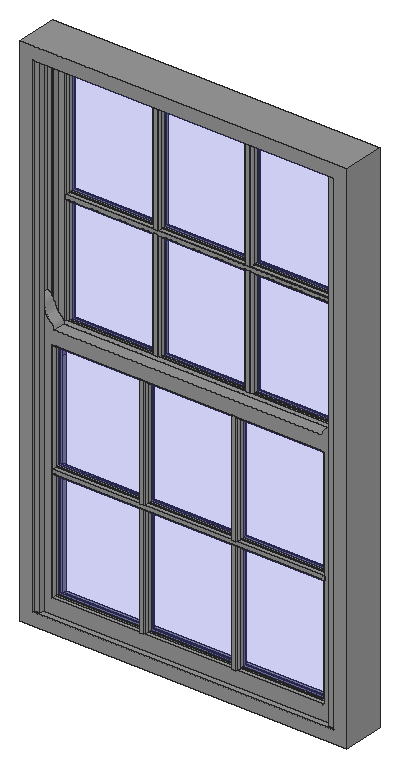
Revit family "HMEL4SP", category Windows, host Wall, Revit 2015
Parameters (values of type "HMEL4SP")
  Height = 1750 mm
  Default Lintel Height = 2100 mm
  Wall Closure = By host
  Width = 1100 mm
Reference planes
  plane 1 "Center (Front/Back)": y = 0
  plane 2 "Center (Left/Right)": x = 0
  plane 3 "Left": x = -550
  plane 4 "Right": x = 550
  plane 5 "Sill": z = 350
  plane 6 "Head": z = 2100
  plane 7 "Exterior": y = 100
  plane 8 "Interior": y = -100
  plane 9: y = -28.5
  plane 10: y = 23.5
  plane 11: z = 1225
  plane 12: z = 1253.5
  plane 13: z = 1196.5
Forms (mm)
  Sweep 1, solid, material "Lauan, Meranti"
    path origin (-10500, 23.5, 2100) x (0, 0, -1) y (-1, 0, 0)
      loop
        line (0, -11050) -> (1750, -11050) -> (1750, -9950) -> (0, -9950) -> (0, -11050)
    profile origin (0, 23.5, 2100) x (0, 0, 1) y (0, 1, 0)
      loop
        line (0, 46.5) -> (-42, 46.5) -> (-42, -93.5) -> (0, -93.5) -> (0, 46.5)
  Extrusion 2, solid, material "Lauan, Meranti"
    sketch origin (-10450, 7.5, 1687.5) x (0, 0, -1) y (-1, 0, 0)
      loop
        line (491, -10901) -> (491, -10958) -> (576, -10958)
        spline (576, -10958) -> (568.022, -10945.331) -> (558.494, -10938.581) -> (548.752, -10935.386) -> (540.116, -10933.399) -> (533.202, -10931.197) -> (527.644, -10928.636) -> (523.005, -10925.669) -> (518.783, -10922.149) -> (514.297, -10917.644) -> (508.83, -10911.691) -> (501.472, -10905.147) -> (491, -10901)
      loop
        spline (491, -9999) -> (501.472, -9994.853) -> (508.83, -9988.309) -> (514.297, -9982.356) -> (518.783, -9977.851) -> (523.005, -9974.331) -> (527.644, -9971.364) -> (533.202, -9968.803) -> (540.116, -9966.601) -> (548.752, -9964.614) -> (558.494, -9961.419) -> (568.022, -9954.669) -> (576, -9942)
        line (576, -9942) -> (491, -9942) -> (491, -9999)
    from 0 to 42
  Extrusion 3, solid, material "Lauan, Meranti"
    sketch origin (-10450, -49.5, 762.5) x (0, 0, 1) y (1, 0, 0)
      loop
        spline (491, 10901) -> (501.472, 10905.147) -> (508.83, 10911.691) -> (514.297, 10917.644) -> (518.783, 10922.149) -> (523.005, 10925.669) -> (527.644, 10928.636) -> (533.202, 10931.197) -> (540.116, 10933.399) -> (548.752, 10935.386) -> (558.494, 10938.581) -> (568.022, 10945.331) -> (576, 10958)
        line (576, 10958) -> (491, 10958) -> (491, 10901)
      loop
        line (491, 9999) -> (491, 9942) -> (576, 9942)
        spline (576, 9942) -> (568.022, 9954.669) -> (558.494, 9961.419) -> (548.752, 9964.614) -> (540.116, 9966.601) -> (533.202, 9968.803) -> (527.644, 9971.364) -> (523.005, 9974.331) -> (518.783, 9977.851) -> (514.297, 9982.356) -> (508.83, 9988.309) -> (501.472, 9994.853) -> (491, 9999)
    from 0 to 42
  Extrusion 4, solid, material "Lauan, Meranti"
    sketch origin (-350, 0, -425) x (0, -1, 0) y (0, 0, 1)
      loop
        line (7.5, 1678.5) -> (-7.5, 1678.5) -> (-7.5, 1659.5) -> (-4.5, 1659.5) -> (-4.5, 1656.5) -> (7.5, 1656.5) -> (7.5, 1672) -> (0.5, 1672) -> (0.5, 1675) -> (7.5, 1675) -> (7.5, 1678.5)
    from 136 to -836
  Sweep 5, solid, material "Lauan, Meranti"
    path origin (-10573.682, 31, 1966.635) x (0, 0, -1) y (-1, 0, 0)
      loop
        line (-91.365, -11081.682) -> (770.135, -11081.682) -> (770.135, -10065.682) -> (-91.365, -10065.682) -> (-91.365, -11081.682)
    profile origin (0, 31, 2058) x (0, 0, 1) y (0, 1, 0)
      loop
        line (-48, 18.5) -> (-48, -6.5) -> (-57, -6.5) -> (-57, -14.499) -> (-53.996, -14.499)
        arc (-53.996, -14.499) -> (-52.238, -18.744) -> (-47.994, -20.502) r 6.002
        line (-47.994, -20.502) -> (-47.994, -23.5) -> (0, -23.5) -> (0, 18.5) -> (-48, 18.5)
  Sweep 6, solid, material "Lauan, Meranti"
    path origin (-10580.679, 16, 1764.851) x (0, 0, -1) y (-1, 0, 0)
      loop
        line (511.351, -11088.679) -> (1372.851, -11088.679) -> (1372.851, -10072.679) -> (511.351, -10072.679) -> (511.351, -11088.679)
    profile origin (0, 16, 1253.5) x (0, 0, 1) y (0, 1, 0)
      loop
        line (0, -65.5) -> (0, -23.5) -> (-48, -23.5) -> (-48, -48.5) -> (-57, -48.5) -> (-57, -56.499) -> (-53.996, -56.499)
        arc (-53.996, -56.499) -> (-52.238, -60.744) -> (-47.994, -62.502) r 6.002
        line (-47.994, -62.502) -> (-47.994, -65.5) -> (0, -65.5)
  Extrusion 7, solid, material "Lauan, Meranti"
    sketch origin (-4.429, 187.242, 731.33) x (1, 0, 0) y (0, 1, 0)
      loop
        line (490.429, -194.742) -> (493.929, -194.742) -> (493.929, -187.742) -> (496.929, -187.742) -> (496.929, -194.742) -> (512.429, -194.742) -> (512.429, -182.742) -> (509.429, -182.742) -> (509.429, -179.742) -> (490.429, -179.742) -> (490.429, -194.742)
      loop
        line (490.429, -236.742) -> (490.429, -251.742) -> (509.429, -251.742) -> (509.429, -248.742) -> (512.429, -248.742) -> (512.429, -236.742) -> (496.929, -236.742) -> (496.929, -243.742) -> (493.929, -243.742) -> (493.929, -236.742) -> (490.429, -236.742)
      loop
        line (-481.571, -194.742) -> (-481.571, -179.742) -> (-500.571, -179.742) -> (-500.571, -182.742) -> (-503.571, -182.742) -> (-503.571, -194.742) -> (-488.071, -194.742) -> (-488.071, -187.742) -> (-485.071, -187.742) -> (-485.071, -194.742) -> (-481.571, -194.742)
      loop
        line (-481.571, -236.742) -> (-485.071, -236.742) -> (-485.071, -243.742) -> (-488.071, -243.742) -> (-488.071, -236.742) -> (-503.571, -236.742) -> (-503.571, -248.742) -> (-500.571, -248.742) -> (-500.571, -251.742) -> (-481.571, -251.742) -> (-481.571, -236.742)
    from -339.33 to 1326.67
  Extrusion 8, solid, material "Lauan, Meranti"
    sketch origin (150, 26, 65.463) x (1, 0, 0) y (0, 1, 0)
      loop
        line (-1, 23.5) -> (-1, -1.5) -> (-10, -1.5) -> (-10, -9.5) -> (-7, -9.5)
        arc (-7, -9.5) -> (-5.243, -13.743) -> (-1, -15.5) r 6
        line (-1, -15.5) -> (-1, -18.5) -> (12, -18.5) -> (12, -15.5)
        arc (12, -15.5) -> (16.243, -13.743) -> (18, -9.5) r 6
        line (18, -9.5) -> (21, -9.5) -> (21, -1.5) -> (12, -1.5) -> (12, 23.5) -> (-1, 23.5)
      loop
        line (-312, 23.5) -> (-312, -1.5) -> (-321, -1.5) -> (-321, -9.5) -> (-318, -9.5)
        arc (-318, -9.5) -> (-316.243, -13.743) -> (-312, -15.5) r 6
        line (-312, -15.5) -> (-312, -18.5) -> (-299, -18.5) -> (-299, -15.5)
        arc (-299, -15.5) -> (-294.757, -13.743) -> (-293, -9.5) r 6
        line (-293, -9.5) -> (-290, -9.5) -> (-290, -1.5) -> (-299, -1.5) -> (-299, 23.5) -> (-312, 23.5)
    from 1568.287 to 1944.537
  Extrusion 9, solid, material "Glass"
    sketch origin (-10350, 24.5, 1968.75) x (0, 0, -1) y (-1, 0, 0)
      loop
        line (-41.25, -10810) -> (335, -10810) -> (335, -10512) -> (-41.25, -10512) -> (-41.25, -10810)
      loop
        line (-41.25, -10499) -> (335, -10499) -> (335, -10201) -> (-41.25, -10201) -> (-41.25, -10499)
      loop
        line (-41.25, -10188) -> (335, -10188) -> (335, -9890) -> (-41.25, -9890) -> (-41.25, -10188)
      loop
        line (348, -10810) -> (724.25, -10810) -> (724.25, -10512) -> (348, -10512) -> (348, -10810)
      loop
        line (348, -10499) -> (724.25, -10499) -> (724.25, -10201) -> (348, -10201) -> (348, -10499)
      loop
        line (348, -10188) -> (724.25, -10188) -> (724.25, -9890) -> (348, -9890) -> (348, -10188)
    from 0 to 6.4
  Sweep 10, solid, material "Lauan, Meranti"
    path origin (176.75, 107.5, -273.901) x (1, 0, 0) y (0, 0, 1)
      loop
        line (283.25, 2283.901) -> (-14.75, 2283.901) -> (-14.75, 1907.651) -> (283.25, 1907.651) -> (283.25, 2283.901)
    profile origin (311, 107.5, 2010) x (0, 0, -1) y (0, -1, 0)
      loop
        arc (0, 68.6) -> (4.67, 70.234) -> (7, 74.6) r 6.807
        line (7, 74.6) -> (9, 74.6) -> (9, 76.6) -> (0, 76.6) -> (0, 68.6)
  Extrusion 11, solid, material "Lauan, Meranti"
    sketch origin (1645.5, 26, 1627.25) x (0, 0, 1) y (0, 1, 0)
      loop
        line (-6.5, 23.5) -> (-6.5, -1.5) -> (-15.5, -1.5) -> (-15.5, -9.5) -> (-12.5, -9.5)
        arc (-12.5, -9.5) -> (-10.743, -13.743) -> (-6.5, -15.5) r 6
        line (-6.5, -15.5) -> (-6.5, -18.5) -> (6.5, -18.5) -> (6.5, -15.5)
        arc (6.5, -15.5) -> (10.743, -13.743) -> (12.5, -9.5) r 6
        line (12.5, -9.5) -> (15.5, -9.5) -> (15.5, -1.5) -> (6.5, -1.5) -> (6.5, 23.5) -> (-6.5, 23.5)
    from 1185.5 to 2105.5
  Extrusion 12, solid, material "Lauan, Meranti"
    sketch origin (150, 26, -279.537) x (1, 0, 0) y (0, 1, 0)
      loop
        line (-1, 23.5) -> (-1, -1.5) -> (-10, -1.5) -> (-10, -9.5) -> (-7, -9.5)
        arc (-7, -9.5) -> (-5.243, -13.743) -> (-1, -15.5) r 6
        line (-1, -15.5) -> (-1, -18.5) -> (12, -18.5) -> (12, -15.5)
        arc (12, -15.5) -> (16.243, -13.743) -> (18, -9.5) r 6
        line (18, -9.5) -> (21, -9.5) -> (21, -1.5) -> (12, -1.5) -> (12, 23.5) -> (-1, 23.5)
      loop
        line (-312, 23.5) -> (-312, -1.5) -> (-321, -1.5) -> (-321, -9.5) -> (-318, -9.5)
        arc (-318, -9.5) -> (-316.243, -13.743) -> (-312, -15.5) r 6
        line (-312, -15.5) -> (-312, -18.5) -> (-299, -18.5) -> (-299, -15.5)
        arc (-299, -15.5) -> (-294.757, -13.743) -> (-293, -9.5) r 6
        line (-293, -9.5) -> (-290, -9.5) -> (-290, -1.5) -> (-299, -1.5) -> (-299, 23.5) -> (-312, 23.5)
    from 1524.037 to 1900.287
  Sweep 13, solid, material "Lauan, Meranti"
    path origin (-134.25, 107.5, -273.901) x (1, 0, 0) y (0, 0, 1)
      loop
        line (283.25, 2283.901) -> (-14.75, 2283.901) -> (-14.75, 1907.651) -> (283.25, 1907.651) -> (283.25, 2283.901)
    profile origin (0, 107.5, 2010) x (0, 0, -1) y (0, -1, 0)
      loop
        arc (0, 68.6) -> (4.67, 70.234) -> (7, 74.6) r 6.807
        line (7, 74.6) -> (9, 74.6) -> (9, 76.6) -> (0, 76.6) -> (0, 68.6)
  Sweep 14, solid, material "Lauan, Meranti"
    path origin (-445.25, 107.5, -273.901) x (1, 0, 0) y (0, 0, 1)
      loop
        line (283.25, 2283.901) -> (-14.75, 2283.901) -> (-14.75, 1907.651) -> (283.25, 1907.651) -> (283.25, 2283.901)
    profile origin (-311, 107.5, 2010) x (0, 0, -1) y (0, -1, 0)
      loop
        arc (0, 68.6) -> (4.67, 70.234) -> (7, 74.6) r 6.807
        line (7, 74.6) -> (9, 74.6) -> (9, 76.6) -> (0, 76.6) -> (0, 68.6)
  Sweep 15, solid, material "Lauan, Meranti"
    path origin (176.75, 107.5, -619.401) x (1, 0, 0) y (0, 0, 1)
      loop
        line (283.25, 2240.151) -> (-14.75, 2240.151) -> (-14.75, 1863.901) -> (283.25, 1863.901) -> (283.25, 2240.151)
    profile origin (311, 107.5, 1620.75) x (0, 0, -1) y (0, -1, 0)
      loop
        arc (0, 68.6) -> (4.67, 70.234) -> (7, 74.6) r 6.807
        line (7, 74.6) -> (9, 74.6) -> (9, 76.6) -> (0, 76.6) -> (0, 68.6)
  Sweep 16, solid, material "Lauan, Meranti"
    path origin (-134.25, 107.5, -619.401) x (1, 0, 0) y (0, 0, 1)
      loop
        line (283.25, 2240.151) -> (-14.75, 2240.151) -> (-14.75, 1863.901) -> (283.25, 1863.901) -> (283.25, 2240.151)
    profile origin (0, 107.5, 1620.75) x (0, 0, -1) y (0, -1, 0)
      loop
        arc (0, 68.6) -> (4.67, 70.234) -> (7, 74.6) r 6.807
        line (7, 74.6) -> (9, 74.6) -> (9, 76.6) -> (0, 76.6) -> (0, 68.6)
  Sweep 17, solid, material "Lauan, Meranti"
    path origin (-445.25, 107.5, -619.401) x (1, 0, 0) y (0, 0, 1)
      loop
        line (283.25, 2240.151) -> (-14.75, 2240.151) -> (-14.75, 1863.901) -> (283.25, 1863.901) -> (283.25, 2240.151)
    profile origin (-311, 107.5, 1620.75) x (0, 0, -1) y (0, -1, 0)
      loop
        arc (0, 68.6) -> (4.67, 70.234) -> (7, 74.6) r 6.807
        line (7, 74.6) -> (9, 74.6) -> (9, 76.6) -> (0, 76.6) -> (0, 68.6)
  Extrusion 18, solid, material "Lauan, Meranti"
    sketch origin (150, -31, -739.037) x (1, 0, 0) y (0, 1, 0)
      loop
        line (-1, 23.5) -> (-1, -1.5) -> (-10, -1.5) -> (-10, -9.5) -> (-7, -9.5)
        arc (-7, -9.5) -> (-5.243, -13.743) -> (-1, -15.5) r 6
        line (-1, -15.5) -> (-1, -18.5) -> (12, -18.5) -> (12, -15.5)
        arc (12, -15.5) -> (16.243, -13.743) -> (18, -9.5) r 6
        line (18, -9.5) -> (21, -9.5) -> (21, -1.5) -> (12, -1.5) -> (12, 23.5) -> (-1, 23.5)
      loop
        line (-312, 23.5) -> (-312, -1.5) -> (-321, -1.5) -> (-321, -9.5) -> (-318, -9.5)
        arc (-318, -9.5) -> (-316.243, -13.743) -> (-312, -15.5) r 6
        line (-312, -15.5) -> (-312, -18.5) -> (-299, -18.5) -> (-299, -15.5)
        arc (-299, -15.5) -> (-294.757, -13.743) -> (-293, -9.5) r 6
        line (-293, -9.5) -> (-290, -9.5) -> (-290, -1.5) -> (-299, -1.5) -> (-299, 23.5) -> (-312, 23.5)
    from 1568.287 to 1944.537
  Extrusion 19, solid, material "Glass"
    sketch origin (-10350, -32.5, 1164.25) x (0, 0, -1) y (-1, 0, 0)
      loop
        line (-41.25, -10810) -> (335, -10810) -> (335, -10512) -> (-41.25, -10512) -> (-41.25, -10810)
      loop
        line (-41.25, -10499) -> (335, -10499) -> (335, -10201) -> (-41.25, -10201) -> (-41.25, -10499)
      loop
        line (-41.25, -10188) -> (335, -10188) -> (335, -9890) -> (-41.25, -9890) -> (-41.25, -10188)
      loop
        line (348, -10810) -> (724.25, -10810) -> (724.25, -10512) -> (348, -10512) -> (348, -10810)
      loop
        line (348, -10499) -> (724.25, -10499) -> (724.25, -10201) -> (348, -10201) -> (348, -10499)
      loop
        line (348, -10188) -> (724.25, -10188) -> (724.25, -9890) -> (348, -9890) -> (348, -10188)
    from 0 to 6.4
  Sweep 20, solid, material "Lauan, Meranti"
    path origin (176.75, 50.5, -1078.401) x (1, 0, 0) y (0, 0, 1)
      loop
        line (283.25, 2283.901) -> (-14.75, 2283.901) -> (-14.75, 1907.651) -> (283.25, 1907.651) -> (283.25, 2283.901)
    profile origin (311, 50.5, 1205.5) x (0, 0, -1) y (0, -1, 0)
      loop
        arc (0, 68.6) -> (4.67, 70.234) -> (7, 74.6) r 6.807
        line (7, 74.6) -> (9, 74.6) -> (9, 76.6) -> (0, 76.6) -> (0, 68.6)
  Extrusion 21, solid, material "Lauan, Meranti"
    sketch origin (1645.5, -31, 822.75) x (0, 0, 1) y (0, 1, 0)
      loop
        line (-6.5, 23.5) -> (-6.5, -1.5) -> (-15.5, -1.5) -> (-15.5, -9.5) -> (-12.5, -9.5)
        arc (-12.5, -9.5) -> (-10.743, -13.743) -> (-6.5, -15.5) r 6
        line (-6.5, -15.5) -> (-6.5, -18.5) -> (6.5, -18.5) -> (6.5, -15.5)
        arc (6.5, -15.5) -> (10.743, -13.743) -> (12.5, -9.5) r 6
        line (12.5, -9.5) -> (15.5, -9.5) -> (15.5, -1.5) -> (6.5, -1.5) -> (6.5, 23.5) -> (-6.5, 23.5)
    from 1185.5 to 2105.5
  Extrusion 22, solid, material "Lauan, Meranti"
    sketch origin (150, -31, -1084.037) x (1, 0, 0) y (0, 1, 0)
      loop
        line (-1, 23.5) -> (-1, -1.5) -> (-10, -1.5) -> (-10, -9.5) -> (-7, -9.5)
        arc (-7, -9.5) -> (-5.243, -13.743) -> (-1, -15.5) r 6
        line (-1, -15.5) -> (-1, -18.5) -> (12, -18.5) -> (12, -15.5)
        arc (12, -15.5) -> (16.243, -13.743) -> (18, -9.5) r 6
        line (18, -9.5) -> (21, -9.5) -> (21, -1.5) -> (12, -1.5) -> (12, 23.5) -> (-1, 23.5)
      loop
        line (-312, 23.5) -> (-312, -1.5) -> (-321, -1.5) -> (-321, -9.5) -> (-318, -9.5)
        arc (-318, -9.5) -> (-316.243, -13.743) -> (-312, -15.5) r 6
        line (-312, -15.5) -> (-312, -18.5) -> (-299, -18.5) -> (-299, -15.5)
        arc (-299, -15.5) -> (-294.757, -13.743) -> (-293, -9.5) r 6
        line (-293, -9.5) -> (-290, -9.5) -> (-290, -1.5) -> (-299, -1.5) -> (-299, 23.5) -> (-312, 23.5)
    from 1524.037 to 1900.287
  Sweep 23, solid, material "Lauan, Meranti"
    path origin (-134.25, 50.5, -1078.401) x (1, 0, 0) y (0, 0, 1)
      loop
        line (283.25, 2283.901) -> (-14.75, 2283.901) -> (-14.75, 1907.651) -> (283.25, 1907.651) -> (283.25, 2283.901)
    profile origin (0, 50.5, 1205.5) x (0, 0, -1) y (0, -1, 0)
      loop
        arc (0, 68.6) -> (4.67, 70.234) -> (7, 74.6) r 6.807
        line (7, 74.6) -> (9, 74.6) -> (9, 76.6) -> (0, 76.6) -> (0, 68.6)
  Sweep 24, solid, material "Lauan, Meranti"
    path origin (-445.25, 50.5, -1078.401) x (1, 0, 0) y (0, 0, 1)
      loop
        line (283.25, 2283.901) -> (-14.75, 2283.901) -> (-14.75, 1907.651) -> (283.25, 1907.651) -> (283.25, 2283.901)
    profile origin (-311, 50.5, 1205.5) x (0, 0, -1) y (0, -1, 0)
      loop
        arc (0, 68.6) -> (4.67, 70.234) -> (7, 74.6) r 6.807
        line (7, 74.6) -> (9, 74.6) -> (9, 76.6) -> (0, 76.6) -> (0, 68.6)
  Sweep 25, solid, material "Lauan, Meranti"
    path origin (176.75, 50.5, -1423.901) x (1, 0, 0) y (0, 0, 1)
      loop
        line (283.25, 2240.151) -> (-14.75, 2240.151) -> (-14.75, 1863.901) -> (283.25, 1863.901) -> (283.25, 2240.151)
    profile origin (311, 50.5, 816.25) x (0, 0, -1) y (0, -1, 0)
      loop
        arc (0, 68.6) -> (4.67, 70.234) -> (7, 74.6) r 6.807
        line (7, 74.6) -> (9, 74.6) -> (9, 76.6) -> (0, 76.6) -> (0, 68.6)
  Sweep 26, solid, material "Lauan, Meranti"
    path origin (-134.25, 50.5, -1423.901) x (1, 0, 0) y (0, 0, 1)
      loop
        line (283.25, 2240.151) -> (-14.75, 2240.151) -> (-14.75, 1863.901) -> (283.25, 1863.901) -> (283.25, 2240.151)
    profile origin (0, 50.5, 816.25) x (0, 0, -1) y (0, -1, 0)
      loop
        arc (0, 68.6) -> (4.67, 70.234) -> (7, 74.6) r 6.807
        line (7, 74.6) -> (9, 74.6) -> (9, 76.6) -> (0, 76.6) -> (0, 68.6)
  Sweep 27, solid, material "Lauan, Meranti"
    path origin (-445.25, 50.5, -1423.901) x (1, 0, 0) y (0, 0, 1)
      loop
        line (283.25, 2240.151) -> (-14.75, 2240.151) -> (-14.75, 1863.901) -> (283.25, 1863.901) -> (283.25, 2240.151)
    profile origin (-311, 50.5, 816.25) x (0, 0, -1) y (0, -1, 0)
      loop
        arc (0, 68.6) -> (4.67, 70.234) -> (7, 74.6) r 6.807
        line (7, 74.6) -> (9, 74.6) -> (9, 76.6) -> (0, 76.6) -> (0, 68.6)
Cuts and joins
  joined: Extrusion 2, Sweep 5
  joined: Extrusion 3, Sweep 6
Lines and regions (mm)
  Opening 1
    outline origin (3500, -100, 0) x (1, 0, 0) y (0, 0, 1)
      loop
        line (-2950, 350) -> (-2950, 2100) -> (-4050, 2100) -> (-4050, 350) -> (-2950, 350)
  model lines
    curve 1: line (508, 49.5, 2058) -> (0, 49.5, 1196.5)
    curve 2: line (-508, 49.5, 2058) -> (0, 49.5, 1196.5)
    curve 3: line (-304.966, -7.5, 557.422) -> (-304.966, -7.5, 957.422)
    curve 4: line (-304.966, -7.5, 1096.5) -> (-248.775, -7.5, 957.422)
    curve 5: line (-248.775, -7.5, 957.422) -> (-361.157, -7.5, 957.422)
    curve 6: line (-304.966, -7.5, 1096.5) -> (-361.157, -7.5, 957.422)
Text (mm)
  text "EXTERIOR" at (-1963.203, 1332.353, 0), in view "Ref. Level"
  text "INTERIOR" at (-1981.466, -818.386, 0), in view "Ref. Level"
  text "Exterior" at (0, 923.751, 2943.296), in view "Right"
  text "Exterior" at (0, 1040.484, 2685.409), in view "Left"
Dimensions and locks
  equal spacing: plane 3 "Left", plane 2 "Center (Left/Right)", plane 4 "Right"
  "Width": plane 3 "Left" to plane 4 "Right"
  "Height": plane 5 "Sill" to plane 6 "Head"
  "Default Lintel Height": plane 6 "Head" to level
  locked: plane 7 "Exterior" to host wall at 0
  locked: plane 8 "Interior" to host wall
  locked: plane 10 to plane 9 at 52
  plane 3 "Left" to plane 4 "Right" = 1100 mm
  aligned and locked: Sweep 1 sketch curve to host wall  (x4)
  aligned and locked: Sweep 6 sketch curve to Sweep 1  (x2)
  aligned and locked: Sweep 6 sketch curve to plane 12
  aligned and locked: Sweep 1 to Sweep 6 sketch curve
  aligned and locked: Extrusion 4 to Extrusion 7  (x2)
  aligned and locked: Extrusion 7 to Sweep 1  (x2)
  aligned and locked: Sweep 5 sketch curve to plane 13
  aligned and locked: Sweep 1 to Sweep 5 sketch curve
  aligned and locked: Sweep 5 sketch curve to Sweep 1  (x2)
  aligned and locked: Extrusion 9 sketch curve to Extrusion 8  (x4)
  aligned and locked: Extrusion 8 to Extrusion 9 sketch curve  (x2)
  aligned and locked: Extrusion 9 sketch curve to Extrusion 11  (x2)
  aligned and locked: Extrusion 9 sketch curve to Extrusion 9 sketch curve  (x4)
  aligned and locked: Sweep 10 sketch curve to Extrusion 8
  aligned and locked: Sweep 10 sketch curve to Extrusion 9
  aligned and locked: Sweep 13 sketch curve to Extrusion 9
  aligned and locked: Sweep 13 sketch curve to Extrusion 8  (x2)
  aligned and locked: Sweep 14 sketch curve to Extrusion 8
  aligned and locked: Sweep 14 sketch curve to Extrusion 9
  aligned and locked: Sweep 15 sketch curve to Extrusion 9  (x2)
  aligned and locked: Sweep 16 sketch curve to Extrusion 9  (x2)
  aligned and locked: Extrusion 9 to Sweep 16 sketch curve
  aligned and locked: Sweep 17 sketch curve to Extrusion 9
  aligned and locked: Extrusion 9 to Sweep 17 sketch curve
  aligned and locked: Extrusion 19 sketch curve to Extrusion 18  (x4)
  aligned and locked: Extrusion 18 to Extrusion 19 sketch curve  (x2)
  aligned and locked: Extrusion 19 sketch curve to Extrusion 21  (x2)
  aligned and locked: Extrusion 19 sketch curve to Extrusion 19 sketch curve  (x4)
  aligned and locked: Sweep 20 sketch curve to Extrusion 18
  aligned and locked: Sweep 20 sketch curve to Extrusion 19
  aligned and locked: Sweep 23 sketch curve to Extrusion 19
  aligned and locked: Sweep 23 sketch curve to Extrusion 18  (x2)
  aligned and locked: Sweep 24 sketch curve to Extrusion 18
  aligned and locked: Sweep 24 sketch curve to Extrusion 19
  aligned and locked: Sweep 25 sketch curve to Extrusion 19  (x2)
  aligned and locked: Sweep 26 sketch curve to Extrusion 19  (x2)
  aligned and locked: Extrusion 19 to Sweep 26 sketch curve
  aligned and locked: Sweep 27 sketch curve to Extrusion 19
  aligned and locked: Extrusion 19 to Sweep 27 sketch curve
Automatic sketch dimensions
  plane 3 "Left" to Opening 1 sketch curve = 0 mm
  plane 4 "Right" to Opening 1 sketch curve = 0 mm
  Opening 1 sketch curve to plane 5 "Sill" = 0 mm
  Opening 1 sketch curve to plane 6 "Head" = 0 mm
  profile plane to Sweep 1 sketch curve = 0 mm
  profile plane to Sweep 1 sketch curve = 42 mm
  Sweep 1 sketch curve to plane 10 = 93.5 mm
  plane 10 to Sweep 1 sketch curve = 46.5 mm
  plane 2 "Center (Left/Right)" to curve 1 = 0 mm
  curve 1 to plane 13 = 0 mm
  curve 2 to plane 3 "Left" = 42 mm
  plane 4 "Right" to curve 1 = 42 mm
  plane 6 "Head" to curve 1 = 42 mm
  plane 6 "Head" to curve 2 = 42 mm
  plane 13 to curve 6 = 100 mm
  curve 4 to curve 5 = 139.078 mm
  curve 5 to plane 3 "Left" = 188.843 mm
  curve 5 to curve 6 = 56.191 mm
  curve 5 to curve 5 = 112.382 mm
  curve 3 to plane 5 "Sill" = 207.422 mm
  curve 3 to curve 4 = 56.191 mm
  Extrusion 2 sketch curve to plane 13 = 0 mm  (x2)
  Extrusion 2 sketch curve to plane 3 "Left" = 42 mm
  Extrusion 2 sketch curve to Extrusion 2 sketch curve = 85 mm  (x2)
  plane 4 "Right" to Extrusion 2 sketch curve = 42 mm
  Extrusion 2 sketch curve to Extrusion 2 sketch curve = 57 mm  (x2)
  Extrusion 3 sketch curve to plane 12 = 0 mm  (x2)
  Extrusion 3 sketch curve to plane 3 "Left" = 42 mm
  plane 12 to Extrusion 3 sketch curve = 85 mm  (x2)
  plane 4 "Right" to Extrusion 3 sketch curve = 42 mm
  Extrusion 3 sketch curve to Extrusion 3 sketch curve = 57 mm  (x2)
  Extrusion 4 sketch curve to plane 12 = 0 mm
  Extrusion 4 sketch curve to host wall = 7.5 mm
  Extrusion 4 sketch curve to Extrusion 4 sketch curve = 3 mm  (x2)
  host wall to Extrusion 4 sketch curve = 0.5 mm
  Extrusion 4 sketch curve to Extrusion 4 sketch curve = 7 mm
  host wall to Extrusion 4 sketch curve = 7.5 mm
  Extrusion 4 sketch curve to plane 12 = 3.5 mm
  plane 11 to Extrusion 4 sketch curve = 9.5 mm
  plane 11 to Extrusion 4 sketch curve = 6.5 mm
  profile plane to Sweep 5 sketch curve = 0 mm
  Sweep 5 sketch curve to profile plane = 23.5 mm
  profile plane to Sweep 5 sketch curve = 47.994 mm
  Sweep 5 sketch curve to Sweep 5 sketch curve = 0.006 mm
  Sweep 5 sketch curve to Sweep 5 sketch curve = 6.002 mm
  Sweep 5 sketch curve to Sweep 5 sketch curve = 3.004 mm
  Sweep 5 sketch curve to Sweep 5 sketch curve = 2.998 mm
  Sweep 5 sketch curve to profile plane = 6.5 mm
  profile plane to Sweep 5 sketch curve = 18.5 mm
  profile plane to Sweep 6 sketch curve = 0 mm
  profile plane to Sweep 6 sketch curve = 47.994 mm
  Sweep 6 sketch curve to Sweep 6 sketch curve = 0.006 mm
  Sweep 6 sketch curve to Sweep 6 sketch curve = 6.002 mm
  Sweep 6 sketch curve to Sweep 6 sketch curve = 3.004 mm
  Sweep 6 sketch curve to profile plane = 65.5 mm
  Sweep 6 sketch curve to Sweep 6 sketch curve = 2.998 mm
  Sweep 6 sketch curve to Sweep 6 sketch curve = 7.999 mm
  Sweep 6 sketch curve to profile plane = 23.5 mm
  Extrusion 7 sketch curve to plane 3 "Left" = 42 mm  (x2)
  host wall to Extrusion 7 sketch curve = 7.5 mm  (x2)
  Extrusion 7 sketch curve to Extrusion 7 sketch curve = 3 mm  (x11)
  Extrusion 7 sketch curve to Extrusion 7 sketch curve = 15.5 mm  (x2)
  host wall to Extrusion 7 sketch curve = 0.5 mm  (x2)
  Extrusion 7 sketch curve to Extrusion 7 sketch curve = 3.5 mm  (x4)
  plane 4 "Right" to Extrusion 7 sketch curve = 64 mm
  Extrusion 7 sketch curve to plane 9 = 21 mm
  Extrusion 7 sketch curve to Extrusion 7 sketch curve = 0 mm  (x4)
  Extrusion 7 sketch curve to Extrusion 7 sketch curve = 12.5 mm  (x2)
  Extrusion 7 sketch curve to host wall = 4.5 mm  (x2)
  Extrusion 7 sketch curve to Extrusion 7 sketch curve = 7 mm  (x2)
  Extrusion 7 sketch curve to plane 9 = 28 mm
  Extrusion 7 sketch curve to Extrusion 7 sketch curve = 5 mm  (x2)
  Extrusion 7 sketch curve to Extrusion 7 sketch curve = 12 mm
  Extrusion 7 sketch curve to host wall = 7.5 mm
  plane 10 to Extrusion 8 sketch curve = 1 mm  (x4)
  plane 2 "Center (Left/Right)" to Extrusion 8 sketch curve = 171 mm
  Extrusion 8 sketch curve to Extrusion 8 sketch curve = 3 mm  (x8)
  Extrusion 8 sketch curve to Extrusion 8 sketch curve = 9 mm  (x2)
  Extrusion 8 sketch curve to Extrusion 8 sketch curve = 6 mm  (x4)
  Extrusion 8 sketch curve to Extrusion 8 sketch curve = 13 mm  (x4)
  Extrusion 8 sketch curve to plane 10 = 7 mm
  Extrusion 8 sketch curve to plane 2 "Center (Left/Right)" = 140 mm
  Extrusion 8 sketch curve to host wall = 10.5 mm
  Extrusion 8 sketch curve to Extrusion 8 sketch curve = 25 mm  (x2)
  plane 6 "Head" to Extrusion 9 sketch curve = 90 mm  (x2)
  Extrusion 9 sketch curve to Extrusion 9 sketch curve = 0 mm  (x3)
  Extrusion 9 sketch curve to Extrusion 9 sketch curve = 13 mm  (x2)
  Extrusion 9 sketch curve to plane 12 = 9 mm  (x3)
  plane 4 "Right" to Extrusion 9 sketch curve = 90 mm
  Extrusion 9 sketch curve to plane 3 "Left" = 90 mm
  plane 4 "Right" to Sweep 10 sketch curve = 90 mm
  plane 6 "Head" to Sweep 10 sketch curve = 90 mm
  Sweep 10 sketch curve to profile plane = 0 mm
  Sweep 10 sketch curve to profile plane = 0.241 mm
  Sweep 10 sketch curve to Sweep 10 sketch curve = 6.759 mm
  Sweep 10 sketch curve to Sweep 10 sketch curve = 2 mm  (x2)
  profile plane to Sweep 10 sketch curve = 68.6 mm
  Sweep 10 sketch curve to Sweep 10 sketch curve = 6 mm
  Extrusion 11 sketch curve to plane 10 = 7 mm
  plane 12 to Extrusion 11 sketch curve = 358.25 mm
  Extrusion 11 sketch curve to Extrusion 11 sketch curve = 3 mm  (x3)
  plane 10 to Extrusion 11 sketch curve = 1 mm  (x2)
  Extrusion 11 sketch curve to Extrusion 11 sketch curve = 9 mm
  Extrusion 11 sketch curve to Extrusion 11 sketch curve = 6 mm  (x2)
  Extrusion 11 sketch curve to Extrusion 11 sketch curve = 13 mm  (x2)
  Extrusion 11 sketch curve to host wall = 10.5 mm
  Extrusion 11 sketch curve to Extrusion 11 sketch curve = 25 mm
  plane 10 to Extrusion 12 sketch curve = 1 mm  (x4)
  plane 2 "Center (Left/Right)" to Extrusion 12 sketch curve = 171 mm
  Extrusion 12 sketch curve to Extrusion 12 sketch curve = 3 mm  (x8)
  Extrusion 12 sketch curve to Extrusion 12 sketch curve = 9 mm  (x2)
  Extrusion 12 sketch curve to Extrusion 12 sketch curve = 6 mm  (x4)
  Extrusion 12 sketch curve to Extrusion 12 sketch curve = 13 mm  (x4)
  Extrusion 12 sketch curve to plane 10 = 7 mm
  Extrusion 12 sketch curve to plane 2 "Center (Left/Right)" = 140 mm
  Extrusion 12 sketch curve to host wall = 10.5 mm
  Extrusion 12 sketch curve to Extrusion 12 sketch curve = 25 mm  (x2)
  plane 6 "Head" to Sweep 13 sketch curve = 90 mm
  Sweep 13 sketch curve to profile plane = 0 mm
  Sweep 13 sketch curve to profile plane = 0.241 mm
  Sweep 13 sketch curve to Sweep 13 sketch curve = 6.759 mm
  Sweep 13 sketch curve to Sweep 13 sketch curve = 2 mm  (x2)
  profile plane to Sweep 13 sketch curve = 68.6 mm
  Sweep 13 sketch curve to Sweep 13 sketch curve = 6 mm
  Sweep 14 sketch curve to plane 3 "Left" = 90 mm
  plane 6 "Head" to Sweep 14 sketch curve = 90 mm
  Sweep 14 sketch curve to profile plane = 0 mm
  Sweep 14 sketch curve to profile plane = 0.241 mm
  Sweep 14 sketch curve to Sweep 14 sketch curve = 6.759 mm
  Sweep 14 sketch curve to Sweep 14 sketch curve = 2 mm  (x2)
  profile plane to Sweep 14 sketch curve = 68.6 mm
  Sweep 14 sketch curve to Sweep 14 sketch curve = 6 mm
  Sweep 15 sketch curve to plane 12 = 9 mm
  plane 4 "Right" to Sweep 15 sketch curve = 90 mm
  Sweep 15 sketch curve to profile plane = 0 mm
  Sweep 15 sketch curve to profile plane = 0.241 mm
  Sweep 15 sketch curve to Sweep 15 sketch curve = 6.759 mm
  Sweep 15 sketch curve to Sweep 15 sketch curve = 2 mm  (x2)
  profile plane to Sweep 15 sketch curve = 68.6 mm
  Sweep 15 sketch curve to Sweep 15 sketch curve = 6 mm
  Sweep 16 sketch curve to plane 12 = 9 mm
  Sweep 16 sketch curve to profile plane = 0 mm
  Sweep 16 sketch curve to profile plane = 0.241 mm
  Sweep 16 sketch curve to Sweep 16 sketch curve = 6.759 mm
  Sweep 16 sketch curve to Sweep 16 sketch curve = 2 mm  (x2)
  profile plane to Sweep 16 sketch curve = 68.6 mm
  Sweep 16 sketch curve to Sweep 16 sketch curve = 6 mm
  Sweep 17 sketch curve to plane 12 = 9 mm
  Sweep 17 sketch curve to plane 3 "Left" = 90 mm
  Sweep 17 sketch curve to profile plane = 0 mm
  Sweep 17 sketch curve to profile plane = 0.241 mm
  Sweep 17 sketch curve to Sweep 17 sketch curve = 6.759 mm
  Sweep 17 sketch curve to Sweep 17 sketch curve = 2 mm  (x2)
  profile plane to Sweep 17 sketch curve = 68.6 mm
  Sweep 17 sketch curve to Sweep 17 sketch curve = 6 mm
  Extrusion 18 sketch curve to plane 9 = 4 mm  (x4)
  plane 2 "Center (Left/Right)" to Extrusion 18 sketch curve = 171 mm
  Extrusion 18 sketch curve to Extrusion 18 sketch curve = 3 mm  (x8)
  host wall to Extrusion 18 sketch curve = 7.5 mm  (x2)
  Extrusion 18 sketch curve to Extrusion 18 sketch curve = 9 mm  (x2)
  Extrusion 18 sketch curve to Extrusion 18 sketch curve = 6 mm  (x4)
  Extrusion 18 sketch curve to Extrusion 18 sketch curve = 13 mm  (x4)
  Extrusion 18 sketch curve to plane 9 = 12 mm
  Extrusion 18 sketch curve to plane 2 "Center (Left/Right)" = 140 mm
  Extrusion 18 sketch curve to plane 9 = 18 mm
  Extrusion 19 sketch curve to plane 13 = 9 mm  (x3)
  Extrusion 19 sketch curve to Extrusion 19 sketch curve = 13 mm  (x2)
  Extrusion 19 sketch curve to plane 5 "Sill" = 90 mm
  Extrusion 19 sketch curve to Extrusion 19 sketch curve = 0 mm  (x4)
  plane 4 "Right" to Extrusion 19 sketch curve = 90 mm
  Extrusion 19 sketch curve to plane 3 "Left" = 90 mm
  plane 4 "Right" to Sweep 20 sketch curve = 90 mm
  Sweep 20 sketch curve to plane 13 = 9 mm
  Sweep 20 sketch curve to profile plane = 0 mm
  Sweep 20 sketch curve to profile plane = 0.241 mm
  Sweep 20 sketch curve to Sweep 20 sketch curve = 6.759 mm
  Sweep 20 sketch curve to Sweep 20 sketch curve = 2 mm  (x2)
  profile plane to Sweep 20 sketch curve = 68.6 mm
  Sweep 20 sketch curve to Sweep 20 sketch curve = 6 mm
  Extrusion 21 sketch curve to plane 9 = 12 mm
  plane 13 to Extrusion 21 sketch curve = 389.25 mm
  Extrusion 21 sketch curve to Extrusion 21 sketch curve = 3 mm  (x3)
  Extrusion 21 sketch curve to plane 9 = 4 mm  (x2)
  Extrusion 21 sketch curve to Extrusion 21 sketch curve = 9 mm
  Extrusion 21 sketch curve to Extrusion 21 sketch curve = 6 mm  (x2)
  Extrusion 21 sketch curve to Extrusion 21 sketch curve = 13 mm  (x2)
  Extrusion 21 sketch curve to Extrusion 21 sketch curve = 0 mm
  host wall to Extrusion 21 sketch curve = 7.5 mm
  Extrusion 22 sketch curve to plane 9 = 4 mm  (x4)
  plane 2 "Center (Left/Right)" to Extrusion 22 sketch curve = 171 mm
  Extrusion 22 sketch curve to Extrusion 22 sketch curve = 3 mm  (x8)
  host wall to Extrusion 22 sketch curve = 7.5 mm  (x2)
  Extrusion 22 sketch curve to Extrusion 22 sketch curve = 9 mm  (x2)
  Extrusion 22 sketch curve to Extrusion 22 sketch curve = 6 mm  (x4)
  Extrusion 22 sketch curve to Extrusion 22 sketch curve = 13 mm  (x4)
  Extrusion 22 sketch curve to plane 9 = 12 mm
  Extrusion 22 sketch curve to plane 2 "Center (Left/Right)" = 140 mm
  Extrusion 22 sketch curve to plane 9 = 18 mm
  Sweep 23 sketch curve to plane 13 = 9 mm
  Sweep 23 sketch curve to profile plane = 0 mm
  Sweep 23 sketch curve to profile plane = 0.241 mm
  Sweep 23 sketch curve to Sweep 23 sketch curve = 6.759 mm
  Sweep 23 sketch curve to Sweep 23 sketch curve = 2 mm  (x2)
  profile plane to Sweep 23 sketch curve = 68.6 mm
  Sweep 23 sketch curve to Sweep 23 sketch curve = 6 mm
  Sweep 24 sketch curve to plane 3 "Left" = 90 mm
  Sweep 24 sketch curve to plane 13 = 9 mm
  Sweep 24 sketch curve to profile plane = 0 mm
  Sweep 24 sketch curve to profile plane = 0.241 mm
  Sweep 24 sketch curve to Sweep 24 sketch curve = 6.759 mm
  Sweep 24 sketch curve to Sweep 24 sketch curve = 2 mm  (x2)
  profile plane to Sweep 24 sketch curve = 68.6 mm
  Sweep 24 sketch curve to Sweep 24 sketch curve = 6 mm
  plane 4 "Right" to Sweep 25 sketch curve = 90 mm
  Sweep 25 sketch curve to plane 5 "Sill" = 90 mm
  Sweep 25 sketch curve to profile plane = 0 mm
  Sweep 25 sketch curve to profile plane = 0.241 mm
  Sweep 25 sketch curve to Sweep 25 sketch curve = 6.759 mm
  Sweep 25 sketch curve to Sweep 25 sketch curve = 2 mm  (x2)
  profile plane to Sweep 25 sketch curve = 68.6 mm
  Sweep 25 sketch curve to Sweep 25 sketch curve = 6 mm
  Sweep 26 sketch curve to plane 5 "Sill" = 90 mm
  Sweep 26 sketch curve to profile plane = 0 mm
  Sweep 26 sketch curve to profile plane = 0.241 mm
  Sweep 26 sketch curve to Sweep 26 sketch curve = 6.759 mm
  Sweep 26 sketch curve to Sweep 26 sketch curve = 2 mm  (x2)
  profile plane to Sweep 26 sketch curve = 68.6 mm
  Sweep 26 sketch curve to Sweep 26 sketch curve = 6 mm
  Sweep 27 sketch curve to plane 3 "Left" = 90 mm
  Sweep 27 sketch curve to plane 5 "Sill" = 90 mm
  Sweep 27 sketch curve to profile plane = 0 mm
  Sweep 27 sketch curve to profile plane = 0.241 mm
  Sweep 27 sketch curve to Sweep 27 sketch curve = 6.759 mm
  Sweep 27 sketch curve to Sweep 27 sketch curve = 2 mm  (x2)
  profile plane to Sweep 27 sketch curve = 68.6 mm
  Sweep 27 sketch curve to Sweep 27 sketch curve = 6 mm
